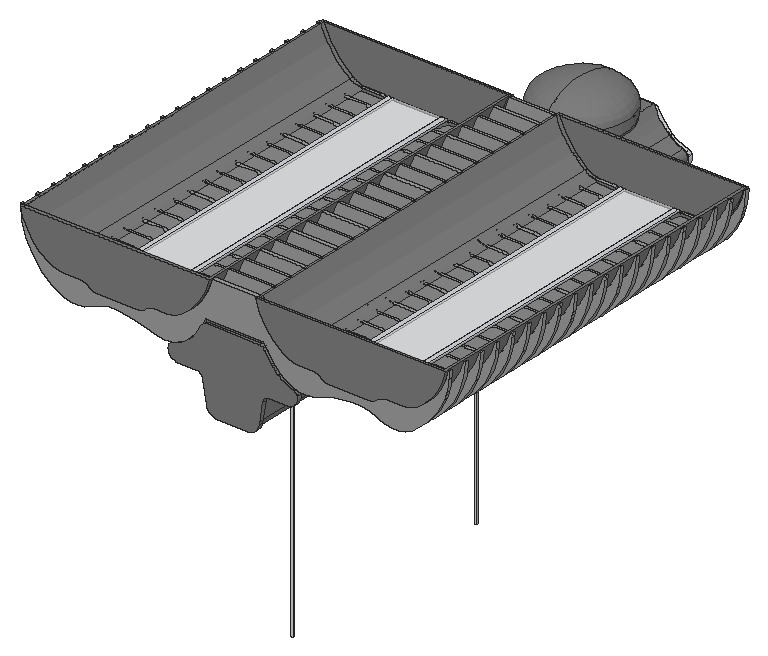
Revit family "0039277 Feilo Sylvania Lighting Fixtures SYLBAY LED 4000K 13KLM AISLE 1-10V PIR", category Lighting Fixtures, host Face, Revit 2017
Family settings
  Host = Face
  Round Connector Dimension = Use Diameter
  Part Type = Normal
  OmniClass Number = 23.80.70.00
  OmniClass Title = Lighting
  Cut with Voids When Loaded = No
  Light Source = Yes
  Shared = No
  Room Calculation Point = No
Parameters (values of type "0039277 SYLBAY LED 4000K 13KLM AISLE 1-10V PIR")
  WireRadius_FEILO = 1 mm
  Weight = "5.1 kg"
  Wattage Comments = "n/a"
  Wattage = 95 W
  WarrantyStartDate [instance] = "n/a"
  WarrantyGuarantorParts = "n/a"
  WarrantyDurationUnit = "n/a"
  WarrantyDurationParts = "n/a"
  WarrantyDescription = "n/a"
  built-in parameter 1150110 = 1 (stored number, unit not read)
  Voltage = 230 V
  URL = "http://www.sylvania-lighting.com"
  TypeName = "SYLBAY LED 4000K 13KLM AISLE 1-10V PIR"
  Type Image = <None>
  Type Comments = "n/a"
  built-in parameter 1114217 = 1 (stored number, unit not read)
  Tilt Angle = -90.00°
  built-in parameter 1150109 = 1 (stored number, unit not read)
  built-in parameter 1150134 = 12
  SuspensionHeight_FEILO [instance] = if(SurfaceMounted_FEILO, 107 mm, SuspensionHeightEntry_FEILO)  # 300 mm
  SuspensionHeightEntry_FEILO [instance] = 300 mm
  SurfaceMounted_FEILO [instance] = no
  built-in parameter 1150113 = 1 (stored number, unit not read)
  SerialNumber [instance] = "n/a"
  ReflectorMaterial = none
  PowerFactor = 0
  PowerConsumption = "95 W"
  Photometric Web File = "0039277.ies"
  NominalLength = 430 mm
  NominalHeight = 105 mm
  NominalDepth = 375 mm
  Name = "SYLBAY LED 4000K 13KLM AISLE 1-10V PIR"
  ModelReference = "SYLBAY LED 4000K 13KLM AISLE 1-10V PIR"
  ModelNumber = "0039277"
  Model = "SYLBAY LED 4000K 13KLM AISLE 1-10V PIR"
  Material = "aluminium housing"
  ManufacturerName = "Feilo Sylvania"
  Manufacturer = "Feilo Sylvania"
  LuminousEfficacy = "138.79 lm/W"
  built-in parameter 1150105 = 18311.2 (stored number, unit not read)
  Lumens = 13185 lm
  LuminaireType = ""
  built-in parameter 1150115 = 1 (stored number, unit not read)
  LightOutputRatio = "100"
  built-in parameter 1150137 = (empty or 0)
  built-in parameter 1150139 = (empty or 0)
  LampsType = Lamp  # "LED"
  LampNominalLuminous = "13046 lm"
  LampMacAdamStep = "n/a"
  LampColourTemperature = "4000 K"
  LampColourRenderingIndex = "80"
  built-in parameter 1150112 = 1 (stored number, unit not read)
  built-in parameter 1150114 = 1 (stored number, unit not read)
  Lamp = "LED"
  Keynote = "16500"
  InstallationDate [instance] = "n/a"
  InputVoltage = "220-240V~"
  InputNominalFrequency = "50/60 Hz"
  built-in parameter 1150132 = (empty or 0)
  built-in parameter 1150102 = (empty or 0)
  built-in parameter 1150107 = 4000 (stored number, unit not read)
  built-in parameter 1150138 = (empty or 0)
  IngressProtection = "IP65"
  ImpactProtectionIndex = "IK08"
  built-in parameter 1150106 = 183.11 (stored number, unit not read)
  IfcExportType = "IfcLightFixtureType"
  IfcExportAs = "IfcLightFixtureType"
  ExpectedLife = 50000
  Emit from Rectangle Width = 365 mm
  Emit from Rectangle Length = 320 mm
  Emit Shape Visible in Rendering = no
  ElectricShockClassification = "Class I"
  built-in parameter 1150104 = 12.894 (stored number, unit not read)
  DurationUnit = "hours"
  DocumentationLiterature = "http://www.sylvania-lighting.com/product/en-int/products/0039277"
  DimmingControlOptions = "Dimmable"
  Dimming Lamp Color Temperature Shift = <None>
  DiffuserMaterial = Diffuser-Sylvania-Sylbay-Transparent
  Description = "Specification industrial high bay luminaire, robust and durable, slim design, high output and efficiency, lightweight, aluminium housing with shatter-resistant polycarbonate lens optic, 13,000 lumens, 95W, 137lm/W, 4000K, 1400mA, CRI 80, aisle beam optic, 1-10V dimmable, integral PIR sensor with daylight/occupancy detection, IP65, IK08, 100,000 hrs (L90B10), (LxWxH) 330x375x105mm, 3 step MacAdam ellipse, 4.6kg, aluminium finish, Class 1, 220-240V, integrated LED, energy class: A++, A+, A."
  Default Elevation = 1219.2 mm
  CreatedOn = "17/11/2017"
  CreatedBy = ""
  Cost = 0
  Color Filter = 16777215
  built-in parameter 1114216 [instance] = (empty or 0)
  BodyMaterial = Body-Sylvania-Sylbay-Aluminium
  BarCode [instance] = "n/a"
  built-in parameter 1114218 = 1 (stored number, unit not read)
  built-in parameter 1150133 = 10 (stored number, unit not read)
  AssetType = "Fixed"
  AssetIdentifier [instance] = "n/a"
  Assembly Code = "D5020200"
  Apparent Load = 95 VA
  AccessoryMaterial = Accesory-Sylvania-Sylbay-White
Reference planes
  plane 1 "Center (Front/Back)": y = 0
  plane 2: z = 0
  plane 3 "Center (Left/Right)": x = 0
  plane 4: z = 300
  plane 5: y = -162
  plane 6: y = 100
  plane 7: y = -100
  plane 8: z = 237.522
  plane 9: z = 246.272
  plane 10: z = 227.522
  plane 11: z = 266.272
  plane 12: z = 256.272
  plane 13: z = 262.272
  plane 14: y = 262
  plane 15: y = -8.075
  plane 16: y = 8.075
  plane 17: y = -165
  plane 18: y = 265
  plane 19: z = 195
  plane 20: z = 193
  plane 21: y = 165
  plane 22: y = 215
  plane 23: y = 175
  plane 24: y = 255
  plane 25: z = 278.272
  plane 26: y = 176
  plane 27: y = 254
Forms (mm)
  Extrusion 1, solid, material "Accesory-Sylvania-Sylbay-White" <- "AccessoryMaterial"
    sketch origin (0, 0, 0) x (1, 0, 0) y (0, 0, 1)
      loop
        arc (-39.258, 246.272) -> (-44.534, 242.283) -> (-50.507, 239.445) r 32.519
        arc (-50.507, 239.445) -> (-54.463, 232.388) -> (-48, 227.522) r 6.147
        line (-48, 227.522) -> (-32.102, 227.522)
        arc (-32.102, 227.522) -> (-26.92, 225.616) -> (-24.206, 220.808) r 8
        line (-24.206, 220.808) -> (-21.094, 201.713)
        arc (-21.094, 201.713) -> (-18.38, 196.905) -> (-13.198, 195) r 8
        line (-13.198, 195) -> (13.198, 195)
        arc (13.198, 195) -> (18.393, 196.916) -> (21.099, 201.746) r 8
        line (21.099, 201.746) -> (24.206, 220.808)
        arc (24.206, 220.808) -> (26.92, 225.616) -> (32.102, 227.522) r 8
        line (32.102, 227.522) -> (48, 227.522)
        arc (48, 227.522) -> (54.463, 232.388) -> (50.507, 239.445) r 6.147
        arc (50.507, 239.445) -> (44.534, 242.283) -> (39.258, 246.272) r 32.519
        arc (39.258, 246.272) -> (31.199, 255.531) -> (25.254, 266.272) r 58.361
        line (25.254, 266.272) -> (-25.254, 266.272)
        arc (-25.254, 266.272) -> (-31.199, 255.531) -> (-39.258, 246.272) r 58.361
    from -262 to 162
  Extrusion 2, solid, material "Body-Sylvania-Sylbay-Aluminium" <- "BodyMaterial", detail levels medium+fine
    sketch origin (0, 0, 0) x (1, 0, 0) y (0, 0, 1)
      loop
        arc (-32.102, 225.522) -> (-28.215, 224.093) -> (-26.18, 220.487) r 6
        line (-26.18, 220.487) -> (-23.068, 201.392)
        arc (-23.068, 201.392) -> (-19.676, 195.381) -> (-13.198, 193) r 10
        line (-13.198, 193) -> (13.198, 193)
        arc (13.198, 193) -> (19.69, 195.393) -> (23.074, 201.428) r 10
        line (23.074, 201.428) -> (26.18, 220.487)
        arc (26.18, 220.487) -> (28.215, 224.093) -> (32.102, 225.522) r 6
        line (32.102, 225.522) -> (47.932, 225.522)
        arc (47.932, 225.522) -> (54.718, 228.451) -> (56.343, 235.661) r 8.147
        arc (56.343, 235.661) -> (55.292, 237.506) -> (53.445, 238.553) r 4
        arc (53.445, 238.553) -> (45.865, 241.518) -> (39.258, 246.272) r 32.519
        arc (39.258, 246.272) -> (32.89, 253.237) -> (27.728, 261.137) r 58.361
        arc (27.728, 261.137) -> (25.523, 263.429) -> (22.456, 264.272) r 6
        line (22.456, 264.272) -> (-22.456, 264.272)
        arc (-22.456, 264.272) -> (-25.523, 263.429) -> (-27.728, 261.137) r 6
        arc (-27.728, 261.137) -> (-32.89, 253.237) -> (-39.258, 246.272) r 58.361
        arc (-39.258, 246.272) -> (-45.865, 241.518) -> (-53.445, 238.553) r 32.519
        arc (-53.445, 238.553) -> (-55.292, 237.506) -> (-56.343, 235.661) r 4
        arc (-56.343, 235.661) -> (-54.718, 228.451) -> (-47.932, 225.522) r 8.147
        line (-47.932, 225.522) -> (-32.102, 225.522)
    from 162 to 165
  Extrusion 3, solid, detail levels medium+fine
    sketch origin (0, 0, 0) x (1, 0, 0) y (0, 0, 1)
      loop
        line (-47.932, 225.522) -> (-32.102, 225.522)
        arc (-32.102, 225.522) -> (-28.215, 224.093) -> (-26.18, 220.487) r 6
        line (-26.18, 220.487) -> (-23.068, 201.392)
        arc (-23.068, 201.392) -> (-19.676, 195.381) -> (-13.198, 193) r 10
        line (-13.198, 193) -> (13.198, 193)
        arc (13.198, 193) -> (19.69, 195.393) -> (23.074, 201.428) r 10
        line (23.074, 201.428) -> (26.18, 220.487)
        arc (26.18, 220.487) -> (28.215, 224.093) -> (32.102, 225.522) r 6
        line (32.102, 225.522) -> (47.932, 225.522)
        arc (47.932, 225.522) -> (54.718, 228.451) -> (56.343, 235.661) r 8.147
        arc (56.343, 235.661) -> (55.292, 237.506) -> (53.445, 238.553) r 4
        arc (53.445, 238.553) -> (45.865, 241.518) -> (39.258, 246.272) r 32.519
        arc (39.258, 246.272) -> (32.89, 253.237) -> (27.728, 261.137) r 58.361
        arc (27.728, 261.137) -> (25.523, 263.429) -> (22.456, 264.272) r 6
        line (22.456, 264.272) -> (-22.456, 264.272)
        arc (-22.456, 264.272) -> (-25.523, 263.429) -> (-27.728, 261.137) r 6
        arc (-27.728, 261.137) -> (-32.89, 253.237) -> (-39.258, 246.272) r 58.361
        arc (-39.258, 246.272) -> (-45.865, 241.518) -> (-53.445, 238.553) r 32.519
        arc (-53.445, 238.553) -> (-55.292, 237.506) -> (-56.343, 235.661) r 4
        arc (-56.343, 235.661) -> (-54.718, 228.451) -> (-47.932, 225.522) r 8.147
    from -265 to -262
  Extrusion 4, solid
    sketch origin (-316.531, -4572, 195) x (-1, 0, 0) y (0, -1, 0)
      loop
        circle (-316.531, -4672) r 1
      loop
        circle (-316.531, -4472) r 1
    from 0 to -195
  Revolve 5, solid, material "Body-Sylvania-Sylbay-Aluminium" <- "BodyMaterial"
    sketch origin (0, 0, 0) x (0, 1, 0) y (0, 0, 1)
      loop
        arc (175.771, 269.022) -> (176.729, 267.064) -> (178.76, 266.272) r 3
        line (178.76, 266.272) -> (215, 266.272) -> (215, 278.272) -> (175, 278.272) -> (175.771, 269.022)
      axis (215, 266.272) -> (215, 278.272)
    angle from 360 to 0
  Revolve 6, solid, material "Accesory-Sylvania-Sylbay-White" <- "AccessoryMaterial"
    sketch origin (0, 0, 0) x (0, 1, 0) y (0, 0, 1)
      loop
        line (175, 278.272) -> (215, 278.272) -> (215, 300)
        spline (215, 300) -> (209.779, 299.814) -> (204.647, 299.26) -> (199.693, 298.346) -> (195, 297.089) -> (190.65, 295.51) -> (186.716, 293.636) -> (183.266, 291.499) -> (180.359, 289.136) -> (178.045, 286.587) -> (176.363, 283.895) -> (175.342, 281.108) -> (175, 278.272)
      axis (215, 278.272) -> (215, 300)
    angle from 360 to 0
Dimensions and locks
  "SuspensionHeight_FEILO": plane 4 to plane 2
  equal spacing: plane 7, plane 1 "Center (Front/Back)", plane 6
  locked: plane 1 "Center (Front/Back)" to plane 6 at 100
  locked: plane 4 to plane 8 at 62.478
  locked: plane 4 to plane 9 at 53.728
  plane 4 to plane 10 = 72.478 mm
  locked: plane 4 to plane 11 at 33.728
  locked: plane 12 to plane 9 at 10
  locked: plane 13 to plane 12 at 6
  locked: plane 3 "Center (Left/Right)" to Extrusion 1 sketch curve at 48.447
  locked: Extrusion 1 sketch curve to plane 3 "Center (Left/Right)" at 48.447
  locked: plane 4 to Extrusion 1 sketch curve at 66.347  (x2)
  Extrusion 1 sketch curve to plane 3 "Center (Left/Right)" to Extrusion 1 sketch curve = 13.198 mm locked, 13.198 mm locked
  Extrusion 1 sketch curve to plane 3 "Center (Left/Right)" to Extrusion 1 sketch curve = 32.102 mm locked, 32.102 mm locked
  locked: plane 4 to Extrusion 1 sketch curve at 97  (x2)
  locked: plane 4 to Extrusion 1 sketch curve at 80.478  (x2)
  equal spacing: plane 15, plane 1 "Center (Front/Back)", plane 16
  locked: plane 15 to plane 16 at 16.15
  locked: plane 10 to Extrusion 2 sketch curve at 2
  plane 10 to Extrusion 2 sketch curve = 2 mm
  locked: Extrusion 2 sketch curve to Extrusion 1 at 2  (x2)
  locked: Extrusion 2 sketch curve to plane 3 "Center (Left/Right)" at 52.466
  locked: plane 3 "Center (Left/Right)" to Extrusion 2 sketch curve at 52.466
  locked: plane 4 to Extrusion 2 sketch curve at 65.325  (x2)
  locked: plane 4 to Extrusion 2 sketch curve at 41.728  (x2)
  locked: plane 3 "Center (Left/Right)" to Extrusion 2 sketch curve at 22.456
  locked: Extrusion 2 sketch curve to plane 3 "Center (Left/Right)" at 22.456
  locked: plane 4 to plane 19 at 105
  locked: plane 19 to plane 20 at 2
  locked: plane 1 "Center (Front/Back)" to plane 18 at 265
  locked: plane 14 to plane 18 at 3
  locked: plane 17 to plane 1 "Center (Front/Back)" at 165
  locked: plane 17 to plane 5 at 3
  locked: plane 21 to plane 18 at 100
  locked: plane 21 to plane 22 at 50
  equal spacing: plane 23, plane 22, plane 24
  locked: plane 23 to plane 22 at 40
  equal spacing: plane 26, plane 22, plane 27
  locked: plane 23 to plane 26 at 1
  locked: plane 25 to plane 11 at 12
  locked: Revolve 5 sketch curve to plane 11 at 3
  locked: Revolve 5 sketch curve to plane 22 at 36.24
  "WireRadius_FEILO": radius of Extrusion 4 sketch curve  (x2)
  aligned and locked: plane 2 to host face
  aligned and locked: level to host face
  aligned and locked: plane 10 to Extrusion 1 sketch curve
  aligned and locked: plane 5 to Extrusion 1
  aligned and locked: Extrusion 1 to plane 14
  aligned and locked: imposter light to plane 4
  aligned and locked: plane 3 "Center (Left/Right)" to imposter light
  aligned and locked: plane 1 "Center (Front/Back)" to imposter light
  aligned and locked: plane 17 to Extrusion 2
  aligned and locked: Extrusion 2 to plane 5
  aligned and locked: Extrusion 3 sketch curve to Extrusion 2  (x15)
  aligned and locked: Extrusion 3 to Extrusion 1
  aligned and locked: Extrusion 3 to plane 18
  aligned and locked: Extrusion 1 sketch curve to plane 19
  aligned and locked: plane 7 to Extrusion 4 sketch curve
  aligned and locked: plane 3 "Center (Left/Right)" to Extrusion 4 sketch curve  (x2)
  aligned and locked: plane 6 to Extrusion 4 sketch curve
  aligned and locked: Extrusion 1 to Extrusion 4
  aligned and locked: Extrusion 4 to level
  aligned and locked: plane 20 to Extrusion 2 sketch curve
  aligned and locked: Revolve 5 sketch curve to plane 11
  aligned and locked: Revolve 5 sketch curve to plane 22  (x2)
  aligned and locked: Revolve 5 sketch curve to plane 25
  aligned and locked: Revolve 6 sketch curve to plane 22  (x2)
  aligned and locked: Revolve 6 sketch curve to Revolve 5
  aligned and locked: plane 4 to Revolve 6 sketch curve
  aligned and locked: plane 22 to Revolve 6 sketch curve
  aligned and locked: plane 3 "Center (Left/Right)" to nested 1
  aligned and locked: plane 1 "Center (Front/Back)" to nested 1
Automatic sketch dimensions
  host sketch curve to host sketch curve = 2438.4 mm  (x2)
  Extrusion 1 sketch curve to plane 9 = 0 mm  (x4)
  Extrusion 1 sketch curve to plane 10 = 0 mm
  plane 11 to Extrusion 1 sketch curve = 3.811 mm
  Extrusion 1 sketch curve to Extrusion 1 sketch curve = 36.151 mm  (x2)
  Extrusion 1 sketch curve to plane 4 = 10.994 mm  (x2)
  Extrusion 1 sketch curve to plane 11 = 0 mm
  plane 9 to Extrusion 1 sketch curve = 23.811 mm
  Extrusion 1 sketch curve to plane 10 = 6.713 mm  (x2)
  plane 19 to Extrusion 1 sketch curve = 6.713 mm
  Extrusion 3 sketch curve to plane 10 = 7.035 mm  (x2)
  plane 19 to Extrusion 3 sketch curve = 6.392 mm
  plane 19 to Extrusion 1 sketch curve = 6.746 mm
  plane 19 to Extrusion 3 sketch curve = 6.428 mm
  plane 3 "Center (Left/Right)" to Extrusion 1 sketch curve = 25.254 mm
  Extrusion 1 sketch curve to Extrusion 1 sketch curve = 0.447 mm  (x2)
  Extrusion 1 sketch curve to Extrusion 1 sketch curve = 12.959 mm
  Extrusion 2 sketch curve to plane 9 = 0 mm  (x4)
  plane 11 to Extrusion 2 sketch curve = 3.811 mm  (x2)
  Extrusion 2 sketch curve to Extrusion 2 sketch curve = 8.939 mm  (x2)
  Extrusion 2 sketch curve to plane 4 = 10.994 mm  (x2)
  Extrusion 2 sketch curve to Extrusion 2 sketch curve = 17.6 mm  (x2)
  Extrusion 2 sketch curve to Extrusion 2 sketch curve = 4.02 mm  (x2)
  Extrusion 2 sketch curve to Extrusion 2 sketch curve = 0.514 mm
  Extrusion 2 sketch curve to plane 10 = 8 mm
  Extrusion 2 sketch curve to plane 10 = 7.035 mm  (x2)
  plane 19 to Extrusion 2 sketch curve = 6.392 mm
  plane 19 to Extrusion 2 sketch curve = 8 mm
  plane 3 "Center (Left/Right)" to Extrusion 2 sketch curve = 13.198 mm
  plane 19 to Extrusion 2 sketch curve = 6.428 mm
  Extrusion 2 sketch curve to Extrusion 2 sketch curve = 5.922 mm
  Extrusion 2 sketch curve to Extrusion 2 sketch curve = 4.534 mm
  Extrusion 2 sketch curve to plane 8 = 3.869 mm  (x2)
  Extrusion 2 sketch curve to plane 11 = 2 mm
  Extrusion 2 sketch curve to Extrusion 2 sketch curve = 0 mm  (x2)
  Revolve 6 sketch curve to plane 23 = 0 mm
  Revolve 6 sketch curve to level = 309.6 mm
  plane 4 to Revolve 6 sketch curve = 2138.4 mm
  Revolve 5 sketch curve to plane 23 = 0 mm
  plane 26 to Revolve 5 sketch curve = 0.229 mm
  Revolve 5 sketch curve to level = 309.6 mm
  plane 4 to Revolve 5 sketch curve = 2138.4 mm
Nested families
  nested 1: "SylbayBody" at (0, 0, 266.272), type "SylbayBody"
  nested 2: "SlybayRib" at (0, 144.453, 300), type "SylbayRib"
  nested 3: "SlybayRib" at (0, 127.406, 300), type "SylbayRib"
  nested 4: "SlybayRib" at (0, 110.358, 300), type "SylbayRib"
  nested 5: "SlybayRib" at (0, 93.311, 300), type "SylbayRib"
  nested 6: "SlybayRib" at (0, 76.264, 300), type "SylbayRib"
  nested 7: "SlybayRib" at (0, 59.217, 300), type "SylbayRib"
  nested 8: "SlybayRib" at (0, 42.169, 300), type "SylbayRib"
  nested 9: "SlybayRib" at (0, 25.122, 300), type "SylbayRib"
  nested 10: "SlybayRib" at (0, 161.5, 300), type "SylbayRib"
  nested 11: "SlybayRib" at (0, -144.453, 300), type "SylbayRib"
  nested 12: "SlybayRib" at (0, -127.406, 300), type "SylbayRib"
  nested 13: "SlybayRib" at (0, -110.358, 300), type "SylbayRib"
  nested 14: "SlybayRib" at (0, -93.311, 300), type "SylbayRib"
  nested 15: "SlybayRib" at (0, -76.264, 300), type "SylbayRib"
  nested 16: "SlybayRib" at (0, -59.217, 300), type "SylbayRib"
  nested 17: "SlybayRib" at (0, -42.169, 300), type "SylbayRib"
  nested 18: "SlybayRib" at (0, -25.122, 300), type "SylbayRib"
  nested 19: "SlybayRib" at (0, -161.5, 300), type "SylbayRib"
  nested 20: "SlybayRib" at (0, 8.075, 300), type "SylbayRib"
  nested 21: "SlybayRib" at (0, -8.075, 300), type "SylbayRib"
Connectors
  electrical at (0, 0, 0), driven by "Apparent Load"
    settings: index 1, voltage 230 V, apparent load 95 VA, apparent load phase1 0 VA, apparent load phase2 0 VA, apparent load phase3 0 VA, power factor 0, load classification "Lighting", number of poles 1, system type 30, power factor state 1, is connector primary yes, connector utility no, sub classification motor no, connector description ""
Definition of nested family "SylbayBody"
  Parameters (values of type "SylbayBody")
    URL = "http://www.feilosylvania.com"
    Type Image = (empty or 0)
    Type Comments = "n/a"
    RibLast_FEILO = 161.5 mm
    RibDistance_FEILO = RibLast_FEILO / 10  # 16.15 mm
    ReflectorMaterial = none
    Model = ""
    Manufacturer = "Feilo Sylvania"
    Keynote = ""
    DiffuserMaterial = none
    Description = "n/a"
    Default Elevation = 1219.2 mm
    Cost = 0
    BodyMaterial = none
    Assembly Code = "D5020200"
    AccessoryMaterial = none
  Reference planes
    plane 1 "Center (Front/Back)": y = 0
    plane 2: z = 0
    plane 3 "Center (Left/Right)": x = 0
    plane 4: x = -187.5
    plane 5: x = 187.5
    plane 6: z = 33.728
    plane 7: y = -165
    plane 8: y = 165
    plane 9: y = -148
    plane 10: y = 160
    plane 11: y = -160
    plane 12: z = -28.75
    plane 13: z = -20
    plane 14: x = -102.75
    plane 15: x = 102.75
    plane 16: z = 0
    plane 17: x = -185.5
    plane 18: x = -20
    plane 19: z = -10
    plane 20: x = -122.75
    plane 21: x = -82.75
    plane 22: z = -4
    plane 23: x = -130.75
    plane 24: x = -74.75
    plane 25: x = -145.75
    plane 26: x = -59.75
    plane 27: x = -25.3
    plane 28: x = -183.5
    plane 29: x = -22
    plane 30: y = -163
    plane 31: y = 163
    plane 32: x = 25.3
    plane 33: x = -48
    plane 34: x = 48
    plane 35: x = 20
    plane 36: y = 148
    plane 37: y = -161.5
    plane 38: y = 161.5
    plane 39: y = -8.075
    plane 40: y = 8.075
    plane 41: y = -151
    plane 42: y = 151
    plane 43: y = 149
    plane 44: y = 152
    plane 45: z = -2
    plane 46: z = 0
  Forms (mm)
    Extrusion 1, solid
      sketch origin (4.2, 0, 0) x (1, 0, 0) y (0, 1, 0)
        loop
          line (-1219.2, 1219.2) -> (-1219.2, -1219.2) -> (1219.2, -1219.2) -> (1219.2, 1219.2) -> (-1219.2, 1219.2)
      from 0 to -304.8
    Extrusion 2, solid, material <- "BodyMaterial", detail levels coarse+medium
      sketch origin (0, 0, -234.25) x (1, 0, 0) y (0, 0, 1)
        loop
          arc (-187.5, 267.978) -> (-180.003, 237.85) -> (-159.829, 214.25) r 67.598
          arc (-159.829, 214.25) -> (-143.258, 206.411) -> (-125.169, 209.379) r 30.791
          arc (-125.169, 209.379) -> (-113.533, 213.402) -> (-101.25, 214.25) r 46.777
          arc (-101.25, 214.25) -> (-87.202, 212.214) -> (-73.664, 207.942) r 87.865
          arc (-73.664, 207.942) -> (-55.541, 206.076) -> (-39.258, 214.25) r 32.519
          arc (-39.258, 214.25) -> (-31.199, 223.509) -> (-25.254, 234.25) r 58.361
          line (-25.254, 234.25) -> (25.254, 234.25)
          arc (25.254, 234.25) -> (31.199, 223.509) -> (39.258, 214.25) r 58.361
          arc (39.258, 214.25) -> (55.541, 206.076) -> (73.664, 207.942) r 32.519
          arc (73.664, 207.942) -> (87.202, 212.214) -> (101.25, 214.25) r 87.865
          arc (101.25, 214.25) -> (113.533, 213.402) -> (125.169, 209.379) r 46.777
          arc (125.169, 209.379) -> (143.258, 206.411) -> (159.829, 214.25) r 30.791
          arc (159.829, 214.25) -> (180.003, 237.85) -> (187.5, 267.978) r 67.598
          line (187.5, 267.978) -> (185.5, 267.978)
          arc (185.5, 267.978) -> (176.042, 248.665) -> (160.084, 234.25) r 56.823
          arc (160.084, 234.25) -> (153.191, 231.269) -> (145.75, 230.25) r 27.682
          line (145.75, 230.25) -> (132.583, 230.25)
          arc (132.583, 230.25) -> (129.421, 229.737) -> (126.583, 228.25) r 10
          line (126.583, 228.25) -> (123.917, 226.25)
          arc (123.917, 226.25) -> (121.079, 224.763) -> (117.917, 224.25) r 10
          line (117.917, 224.25) -> (84.583, 224.25)
          arc (84.583, 224.25) -> (81.421, 224.763) -> (78.583, 226.25) r 10
          line (78.583, 226.25) -> (75.917, 228.25)
          arc (75.917, 228.25) -> (73.079, 229.737) -> (69.917, 230.25) r 10
          line (69.917, 230.25) -> (58.25, 230.25)
          arc (58.25, 230.25) -> (51.55, 231.273) -> (45.461, 234.25) r 22.443
          arc (45.461, 234.25) -> (30.027, 249.073) -> (20, 267.978) r 67.602
          line (20, 267.978) -> (-20, 267.978)
          arc (-20, 267.978) -> (-30.027, 249.073) -> (-45.461, 234.25) r 67.602
          arc (-45.461, 234.25) -> (-51.55, 231.273) -> (-58.25, 230.25) r 22.443
          line (-58.25, 230.25) -> (-69.917, 230.25)
          arc (-69.917, 230.25) -> (-73.079, 229.737) -> (-75.917, 228.25) r 10
          line (-75.917, 228.25) -> (-78.583, 226.25)
          arc (-78.583, 226.25) -> (-81.421, 224.763) -> (-84.583, 224.25) r 10
          line (-84.583, 224.25) -> (-117.917, 224.25)
          arc (-117.917, 224.25) -> (-121.079, 224.763) -> (-123.917, 226.25) r 10
          line (-123.917, 226.25) -> (-126.583, 228.25)
          arc (-126.583, 228.25) -> (-129.421, 229.737) -> (-132.583, 230.25) r 10
          line (-132.583, 230.25) -> (-145.75, 230.25)
          arc (-145.75, 230.25) -> (-153.191, 231.269) -> (-160.084, 234.25) r 27.682
          arc (-160.084, 234.25) -> (-176.042, 248.665) -> (-185.5, 267.978) r 56.823
          line (-185.5, 267.978) -> (-187.5, 267.978)
      from 160 to -160
    Extrusion 3, solid, material <- "BodyMaterial"
      sketch origin (0, 0, -234.25) x (1, 0, 0) y (0, 0, 1)
        loop
          arc (-145.75, 230.25) -> (-152.168, 231.276) -> (-157.947, 234.25) r 20.597
          arc (-157.947, 234.25) -> (-173.175, 249.257) -> (-183.5, 267.978) r 74.319
          line (-183.5, 267.978) -> (-185.5, 267.978)
          arc (-185.5, 267.978) -> (-176.042, 248.665) -> (-160.084, 234.25) r 56.823
          arc (-160.084, 234.25) -> (-153.191, 231.269) -> (-145.75, 230.25) r 27.682
        loop
          arc (-45.461, 234.25) -> (-30.027, 249.073) -> (-20, 267.978) r 67.602
          line (-20, 267.978) -> (-22, 267.978)
          arc (-22, 267.978) -> (-31.964, 249.398) -> (-46.63, 234.25) r 76.357
          arc (-46.63, 234.25) -> (-52.105, 231.278) -> (-58.25, 230.25) r 18.878
          arc (-58.25, 230.25) -> (-51.55, 231.273) -> (-45.461, 234.25) r 22.443
        loop
          arc (145.75, 230.25) -> (153.191, 231.269) -> (160.084, 234.25) r 27.682
          arc (160.084, 234.25) -> (176.042, 248.665) -> (185.5, 267.978) r 56.823
          line (185.5, 267.978) -> (183.5, 267.978)
          arc (183.5, 267.978) -> (173.175, 249.257) -> (157.947, 234.25) r 74.319
          arc (157.947, 234.25) -> (152.168, 231.276) -> (145.75, 230.25) r 20.597
        loop
          arc (45.461, 234.25) -> (51.55, 231.273) -> (58.25, 230.25) r 22.443
          arc (58.25, 230.25) -> (52.105, 231.278) -> (46.63, 234.25) r 18.878
          arc (46.63, 234.25) -> (31.964, 249.398) -> (22, 267.978) r 76.357
          line (22, 267.978) -> (20, 267.978)
          arc (20, 267.978) -> (30.027, 249.073) -> (45.461, 234.25) r 67.602
      from -160 to 160
    Extrusion 4, solid, material <- "BodyMaterial"
      sketch origin (0, -165, -843.85) x (0, 0, -1) y (1, 0, 0)
        loop
          arc (-837.85, -132.583) -> (-837.439, -130.054) -> (-836.25, -127.783) r 8
          line (-836.25, -127.783) -> (-834.25, -125.117)
          arc (-834.25, -125.117) -> (-832.466, -121.711) -> (-831.85, -117.917) r 12
          line (-831.85, -117.917) -> (-831.85, -84.583)
          arc (-831.85, -84.583) -> (-832.466, -80.789) -> (-834.25, -77.383) r 12
          line (-834.25, -77.383) -> (-836.25, -74.717)
          arc (-836.25, -74.717) -> (-837.439, -72.446) -> (-837.85, -69.917) r 8
          line (-837.85, -69.917) -> (-837.85, -58.25)
          arc (-837.85, -58.25) -> (-838.965, -50.953) -> (-842.206, -44.322) r 24.443
          arc (-842.206, -44.322) -> (-857.666, -28.923) -> (-877.578, -20) r 60.581
          line (-877.578, -20) -> (-877.578, -22)
          arc (-877.578, -22) -> (-858.998, -31.964) -> (-843.85, -46.63) r 76.357
          arc (-843.85, -46.63) -> (-840.878, -52.105) -> (-839.85, -58.25) r 18.878
          line (-839.85, -58.25) -> (-839.85, -69.917)
          arc (-839.85, -69.917) -> (-839.337, -73.079) -> (-837.85, -75.917) r 10
          line (-837.85, -75.917) -> (-835.85, -78.583)
          arc (-835.85, -78.583) -> (-834.363, -81.421) -> (-833.85, -84.583) r 10
          line (-833.85, -84.583) -> (-833.85, -117.917)
          arc (-833.85, -117.917) -> (-834.363, -121.079) -> (-835.85, -123.917) r 10
          line (-835.85, -123.917) -> (-837.85, -126.583)
          arc (-837.85, -126.583) -> (-839.337, -129.421) -> (-839.85, -132.583) r 10
          line (-839.85, -132.583) -> (-839.85, -145.75)
          arc (-839.85, -145.75) -> (-840.876, -152.168) -> (-843.85, -157.947) r 20.597
          arc (-843.85, -157.947) -> (-858.857, -173.175) -> (-877.578, -183.5) r 74.319
          line (-877.578, -183.5) -> (-877.578, -185.5)
          arc (-877.578, -185.5) -> (-857.235, -177.123) -> (-842.139, -161.119) r 52.287
          arc (-842.139, -161.119) -> (-838.942, -153.728) -> (-837.85, -145.75) r 29.682
          line (-837.85, -145.75) -> (-837.85, -132.583)
        loop
          line (-837.85, 132.583) -> (-837.85, 145.75)
          arc (-837.85, 145.75) -> (-838.942, 153.728) -> (-842.139, 161.119) r 29.682
          arc (-842.139, 161.119) -> (-857.235, 177.123) -> (-877.578, 185.5) r 52.287
          line (-877.578, 185.5) -> (-877.578, 183.5)
          arc (-877.578, 183.5) -> (-858.857, 173.175) -> (-843.85, 157.947) r 74.319
          arc (-843.85, 157.947) -> (-840.876, 152.168) -> (-839.85, 145.75) r 20.597
          line (-839.85, 145.75) -> (-839.85, 132.583)
          arc (-839.85, 132.583) -> (-839.337, 129.421) -> (-837.85, 126.583) r 10
          line (-837.85, 126.583) -> (-835.85, 123.917)
          arc (-835.85, 123.917) -> (-834.363, 121.079) -> (-833.85, 117.917) r 10
          line (-833.85, 117.917) -> (-833.85, 84.583)
          arc (-833.85, 84.583) -> (-834.363, 81.421) -> (-835.85, 78.583) r 10
          line (-835.85, 78.583) -> (-837.85, 75.917)
          arc (-837.85, 75.917) -> (-839.337, 73.079) -> (-839.85, 69.917) r 10
          line (-839.85, 69.917) -> (-839.85, 58.25)
          arc (-839.85, 58.25) -> (-840.878, 52.105) -> (-843.85, 46.63) r 18.878
          arc (-843.85, 46.63) -> (-858.998, 31.964) -> (-877.578, 22) r 76.357
          line (-877.578, 22) -> (-877.578, 20)
          arc (-877.578, 20) -> (-857.666, 28.923) -> (-842.206, 44.322) r 60.581
          arc (-842.206, 44.322) -> (-838.965, 50.953) -> (-837.85, 58.25) r 24.443
          line (-837.85, 58.25) -> (-837.85, 69.917)
          arc (-837.85, 69.917) -> (-837.439, 72.446) -> (-836.25, 74.717) r 8
          line (-836.25, 74.717) -> (-834.25, 77.383)
          arc (-834.25, 77.383) -> (-832.466, 80.789) -> (-831.85, 84.583) r 12
          line (-831.85, 84.583) -> (-831.85, 117.917)
          arc (-831.85, 117.917) -> (-832.466, 121.711) -> (-834.25, 125.117) r 12
          line (-834.25, 125.117) -> (-836.25, 127.783)
          arc (-836.25, 127.783) -> (-837.439, 130.054) -> (-837.85, 132.583) r 8
      from -2 to -5
    Extrusion 5, solid, material <- "BodyMaterial"
      sketch origin (0, 165, -843.85) x (0, 0, -1) y (1, 0, 0)
        loop
          line (-831.85, -117.917) -> (-831.85, -84.583)
          arc (-831.85, -84.583) -> (-832.466, -80.789) -> (-834.25, -77.383) r 12
          line (-834.25, -77.383) -> (-836.25, -74.717)
          arc (-836.25, -74.717) -> (-837.439, -72.446) -> (-837.85, -69.917) r 8
          line (-837.85, -69.917) -> (-837.85, -58.25)
          arc (-837.85, -58.25) -> (-838.965, -50.953) -> (-842.206, -44.322) r 24.443
          arc (-842.206, -44.322) -> (-857.666, -28.923) -> (-877.578, -20) r 60.581
          line (-877.578, -20) -> (-877.578, -22)
          arc (-877.578, -22) -> (-858.998, -31.964) -> (-843.85, -46.63) r 76.357
          arc (-843.85, -46.63) -> (-840.878, -52.105) -> (-839.85, -58.25) r 18.878
          line (-839.85, -58.25) -> (-839.85, -69.917)
          arc (-839.85, -69.917) -> (-839.337, -73.079) -> (-837.85, -75.917) r 10
          line (-837.85, -75.917) -> (-835.85, -78.583)
          arc (-835.85, -78.583) -> (-834.363, -81.421) -> (-833.85, -84.583) r 10
          line (-833.85, -84.583) -> (-833.85, -117.917)
          arc (-833.85, -117.917) -> (-834.363, -121.079) -> (-835.85, -123.917) r 10
          line (-835.85, -123.917) -> (-837.85, -126.583)
          arc (-837.85, -126.583) -> (-839.337, -129.421) -> (-839.85, -132.583) r 10
          line (-839.85, -132.583) -> (-839.85, -145.75)
          arc (-839.85, -145.75) -> (-840.876, -152.168) -> (-843.85, -157.947) r 20.597
          arc (-843.85, -157.947) -> (-858.857, -173.175) -> (-877.578, -183.5) r 74.319
          line (-877.578, -183.5) -> (-877.578, -185.5)
          arc (-877.578, -185.5) -> (-857.235, -177.123) -> (-842.139, -161.119) r 52.287
          arc (-842.139, -161.119) -> (-838.942, -153.728) -> (-837.85, -145.75) r 29.682
          line (-837.85, -145.75) -> (-837.85, -132.583)
          arc (-837.85, -132.583) -> (-837.439, -130.054) -> (-836.25, -127.783) r 8
          line (-836.25, -127.783) -> (-834.25, -125.117)
          arc (-834.25, -125.117) -> (-832.466, -121.711) -> (-831.85, -117.917) r 12
        loop
          line (-831.85, 84.583) -> (-831.85, 117.917)
          arc (-831.85, 117.917) -> (-832.466, 121.711) -> (-834.25, 125.117) r 12
          line (-834.25, 125.117) -> (-836.25, 127.783)
          arc (-836.25, 127.783) -> (-837.439, 130.054) -> (-837.85, 132.583) r 8
          line (-837.85, 132.583) -> (-837.85, 145.75)
          arc (-837.85, 145.75) -> (-838.942, 153.728) -> (-842.139, 161.119) r 29.682
          arc (-842.139, 161.119) -> (-857.235, 177.123) -> (-877.578, 185.5) r 52.287
          line (-877.578, 185.5) -> (-877.578, 183.5)
          arc (-877.578, 183.5) -> (-858.857, 173.175) -> (-843.85, 157.947) r 74.319
          arc (-843.85, 157.947) -> (-840.876, 152.168) -> (-839.85, 145.75) r 20.597
          line (-839.85, 145.75) -> (-839.85, 132.583)
          arc (-839.85, 132.583) -> (-839.337, 129.421) -> (-837.85, 126.583) r 10
          line (-837.85, 126.583) -> (-835.85, 123.917)
          arc (-835.85, 123.917) -> (-834.363, 121.079) -> (-833.85, 117.917) r 10
          line (-833.85, 117.917) -> (-833.85, 84.583)
          arc (-833.85, 84.583) -> (-834.363, 81.421) -> (-835.85, 78.583) r 10
          line (-835.85, 78.583) -> (-837.85, 75.917)
          arc (-837.85, 75.917) -> (-839.337, 73.079) -> (-839.85, 69.917) r 10
          line (-839.85, 69.917) -> (-839.85, 58.25)
          arc (-839.85, 58.25) -> (-840.878, 52.105) -> (-843.85, 46.63) r 18.878
          arc (-843.85, 46.63) -> (-858.998, 31.964) -> (-877.578, 22) r 76.357
          line (-877.578, 22) -> (-877.578, 20)
          arc (-877.578, 20) -> (-857.666, 28.923) -> (-842.206, 44.322) r 60.581
          arc (-842.206, 44.322) -> (-838.965, 50.953) -> (-837.85, 58.25) r 24.443
          line (-837.85, 58.25) -> (-837.85, 69.917)
          arc (-837.85, 69.917) -> (-837.439, 72.446) -> (-836.25, 74.717) r 8
          line (-836.25, 74.717) -> (-834.25, 77.383)
          arc (-834.25, 77.383) -> (-832.466, 80.789) -> (-831.85, 84.583) r 12
      from 2 to 5
    Extrusion 6, solid, material <- "BodyMaterial"
      sketch origin (0, 165, -843.85) x (0, 0, -1) y (1, 0, 0)
        loop
          arc (-842.206, -44.322) -> (-857.666, -28.923) -> (-877.578, -20) r 60.581
          line (-877.578, -20) -> (-877.578, -185.5)
          arc (-877.578, -185.5) -> (-857.235, -177.123) -> (-842.139, -161.119) r 52.287
          arc (-842.139, -161.119) -> (-838.942, -153.728) -> (-837.85, -145.75) r 29.682
          line (-837.85, -145.75) -> (-837.85, -132.583)
          arc (-837.85, -132.583) -> (-837.439, -130.054) -> (-836.25, -127.783) r 8
          line (-836.25, -127.783) -> (-834.25, -125.117)
          arc (-834.25, -125.117) -> (-832.466, -121.711) -> (-831.85, -117.917) r 12
          line (-831.85, -117.917) -> (-831.85, -84.583)
          arc (-831.85, -84.583) -> (-832.466, -80.789) -> (-834.25, -77.383) r 12
          line (-834.25, -77.383) -> (-836.25, -74.717)
          arc (-836.25, -74.717) -> (-837.439, -72.446) -> (-837.85, -69.917) r 8
          line (-837.85, -69.917) -> (-837.85, -58.25)
          arc (-837.85, -58.25) -> (-838.965, -50.953) -> (-842.206, -44.322) r 24.443
        loop
          arc (-877.578, 20) -> (-857.666, 28.923) -> (-842.206, 44.322) r 60.581
          arc (-842.206, 44.322) -> (-838.965, 50.953) -> (-837.85, 58.25) r 24.443
          line (-837.85, 58.25) -> (-837.85, 69.917)
          arc (-837.85, 69.917) -> (-837.439, 72.446) -> (-836.25, 74.717) r 8
          line (-836.25, 74.717) -> (-834.25, 77.383)
          arc (-834.25, 77.383) -> (-832.466, 80.789) -> (-831.85, 84.583) r 12
          line (-831.85, 84.583) -> (-831.85, 117.917)
          arc (-831.85, 117.917) -> (-832.466, 121.711) -> (-834.25, 125.117) r 12
          line (-834.25, 125.117) -> (-836.25, 127.783)
          arc (-836.25, 127.783) -> (-837.439, 130.054) -> (-837.85, 132.583) r 8
          line (-837.85, 132.583) -> (-837.85, 145.75)
          arc (-837.85, 145.75) -> (-838.942, 153.728) -> (-842.139, 161.119) r 29.682
          arc (-842.139, 161.119) -> (-857.235, 177.123) -> (-877.578, 185.5) r 52.287
          line (-877.578, 185.5) -> (-877.578, 20)
      from 0 to 2
    Extrusion 7, solid, material <- "BodyMaterial"
      sketch origin (0, -165, -843.85) x (0, 0, -1) y (1, 0, 0)
        loop
          line (-877.578, -20) -> (-877.578, -185.5)
          arc (-877.578, -185.5) -> (-857.235, -177.123) -> (-842.139, -161.119) r 52.287
          arc (-842.139, -161.119) -> (-838.942, -153.728) -> (-837.85, -145.75) r 29.682
          line (-837.85, -145.75) -> (-837.85, -132.583)
          arc (-837.85, -132.583) -> (-837.439, -130.054) -> (-836.25, -127.783) r 8
          line (-836.25, -127.783) -> (-834.25, -125.117)
          arc (-834.25, -125.117) -> (-832.466, -121.711) -> (-831.85, -117.917) r 12
          line (-831.85, -117.917) -> (-831.85, -84.583)
          arc (-831.85, -84.583) -> (-832.466, -80.789) -> (-834.25, -77.383) r 12
          line (-834.25, -77.383) -> (-836.25, -74.717)
          arc (-836.25, -74.717) -> (-837.439, -72.446) -> (-837.85, -69.917) r 8
          line (-837.85, -69.917) -> (-837.85, -58.25)
          arc (-837.85, -58.25) -> (-838.965, -50.953) -> (-842.206, -44.322) r 24.443
          arc (-842.206, -44.322) -> (-857.666, -28.923) -> (-877.578, -20) r 60.581
        loop
          line (-877.578, 185.5) -> (-877.578, 20)
          arc (-877.578, 20) -> (-857.666, 28.923) -> (-842.206, 44.322) r 60.581
          arc (-842.206, 44.322) -> (-838.965, 50.953) -> (-837.85, 58.25) r 24.443
          line (-837.85, 58.25) -> (-837.85, 69.917)
          arc (-837.85, 69.917) -> (-837.439, 72.446) -> (-836.25, 74.717) r 8
          line (-836.25, 74.717) -> (-834.25, 77.383)
          arc (-834.25, 77.383) -> (-832.466, 80.789) -> (-831.85, 84.583) r 12
          line (-831.85, 84.583) -> (-831.85, 117.917)
          arc (-831.85, 117.917) -> (-832.466, 121.711) -> (-834.25, 125.117) r 12
          line (-834.25, 125.117) -> (-836.25, 127.783)
          arc (-836.25, 127.783) -> (-837.439, 130.054) -> (-837.85, 132.583) r 8
          line (-837.85, 132.583) -> (-837.85, 145.75)
          arc (-837.85, 145.75) -> (-838.942, 153.728) -> (-842.139, 161.119) r 29.682
          arc (-842.139, 161.119) -> (-857.235, 177.123) -> (-877.578, 185.5) r 52.287
      from 0 to -2
    Extrusion 8, solid, detail levels medium+fine
      sketch origin (0, 0, -234.25) x (1, 0, 0) y (0, 0, 1)
        loop
          arc (-123.917, 226.25) -> (-121.079, 224.763) -> (-117.917, 224.25) r 10
          line (-117.917, 224.25) -> (-84.583, 224.25)
          arc (-84.583, 224.25) -> (-81.421, 224.763) -> (-78.583, 226.25) r 10
          line (-78.583, 226.25) -> (-75.917, 228.25)
          arc (-75.917, 228.25) -> (-75.417, 229.25) -> (-75.917, 230.25) r 1.25
          line (-75.917, 230.25) -> (-79.782, 230.25) -> (-79.782, 228.278) -> (-122.75, 228.278) -> (-122.75, 230.25) -> (-126.583, 230.25)
          arc (-126.583, 230.25) -> (-127.083, 229.25) -> (-126.583, 228.25) r 1.25
          line (-126.583, 228.25) -> (-123.917, 226.25)
        loop
          line (123.917, 226.25) -> (126.583, 228.25)
          arc (126.583, 228.25) -> (127.083, 229.25) -> (126.583, 230.25) r 1.25
          line (126.583, 230.25) -> (122.75, 230.25) -> (122.75, 228.278) -> (79.782, 228.278) -> (79.782, 230.25) -> (75.917, 230.25)
          arc (75.917, 230.25) -> (75.417, 229.25) -> (75.917, 228.25) r 1.25
          line (75.917, 228.25) -> (78.583, 226.25)
          arc (78.583, 226.25) -> (81.421, 224.763) -> (84.583, 224.25) r 10
          line (84.583, 224.25) -> (117.917, 224.25)
          arc (117.917, 224.25) -> (121.079, 224.763) -> (123.917, 226.25) r 10
      from -163 to 163
    Extrusion 9, solid, material <- "DiffuserMaterial", detail levels medium+fine
      sketch origin (0, 0, -234.25) x (1, 0, 0) y (0, 0, 1)
        loop
          line (-122.75, 230.25) -> (-122.75, 228.278) -> (-79.782, 228.278) -> (-79.782, 230.25) -> (-122.75, 230.25)
        loop
          line (79.782, 230.25) -> (79.782, 228.278) -> (122.75, 228.278) -> (122.75, 230.25) -> (79.782, 230.25)
      from -163 to 163
  Cuts and joins
    joined: Extrusion 3, Extrusion 4, Extrusion 5, Extrusion 6, Extrusion 7
  Dimensions and locks
    equal spacing: plane 5, plane 3 "Center (Left/Right)", plane 4
    locked: plane 5 to plane 4 at 375
    equal spacing: plane 7, plane 1 "Center (Front/Back)", plane 8
    locked: plane 7 to plane 8 at 330
    locked: plane 6 to plane 12 at 62.478
    locked: plane 6 to plane 13 at 53.728
    equal spacing: plane 15, plane 3 "Center (Left/Right)", plane 14
    plane 3 "Center (Left/Right)" to plane 14 = 102.75 mm
    locked: plane 6 to plane 16 at 33.728
    equal spacing: plane 18, plane 14, plane 17
    locked: plane 19 to plane 13 at 10
    equal spacing: plane 21, plane 14, plane 20
    locked: plane 14 to plane 20 at 20
    locked: plane 22 to plane 19 at 6
    equal spacing: plane 24, plane 14, plane 23
    locked: plane 20 to plane 23 at 8
    equal spacing: plane 26, plane 14, plane 25
    locked: plane 23 to plane 25 at 15
    locked: plane 18 to plane 27 at 5.3
    locked: plane 3 "Center (Left/Right)" to Extrusion 2 sketch curve at 83.982  (x2)
    locked: plane 3 "Center (Left/Right)" to Extrusion 2 sketch curve at 79.005  (x2)
    locked: plane 3 "Center (Left/Right)" to Extrusion 2 sketch curve at 119.907  (x2)
    locked: plane 3 "Center (Left/Right)" to Extrusion 2 sketch curve at 61.405  (x2)
    locked: plane 3 "Center (Left/Right)" to Extrusion 2 sketch curve at 138.973  (x2)
    locked: plane 3 "Center (Left/Right)" to Extrusion 2 sketch curve at 84.583  (x2)
    locked: plane 3 "Center (Left/Right)" to Extrusion 2 sketch curve at 117.917  (x2)
    locked: plane 3 "Center (Left/Right)" to Extrusion 2 sketch curve at 132.583  (x2)
    locked: plane 3 "Center (Left/Right)" to Extrusion 2 sketch curve at 69.917  (x2)
    locked: Extrusion 2 sketch curve to plane 6 at 21.825  (x2)
    locked: Extrusion 2 sketch curve to plane 6 at 0.822  (x2)
    locked: plane 6 to Extrusion 2 sketch curve at 10.994  (x2)
    locked: plane 6 to Extrusion 2 sketch curve at 15.285  (x2)
    locked: plane 6 to Extrusion 2 sketch curve at 31.076  (x2)
    locked: plane 6 to Extrusion 2 sketch curve at 33.728  (x4)
    locked: plane 6 to Extrusion 2 sketch curve at 29.917  (x2)
    locked: plane 6 to Extrusion 2 sketch curve at 47.728  (x4)
    locked: plane 6 to Extrusion 2 sketch curve at 100.413  (x2)
    locked: plane 6 to Extrusion 2 sketch curve at 141.419  (x2)
    locked: plane 3 "Center (Left/Right)" to Extrusion 2 sketch curve at 106.788  (x2)
    locked: plane 3 "Center (Left/Right)" to Extrusion 2 sketch curve at 104.198  (x2)
    locked: plane 3 "Center (Left/Right)" to Extrusion 2 sketch curve at 145.75  (x2)
    locked: plane 6 to Extrusion 2 sketch curve at 10.046  (x2)
    locked: Extrusion 2 sketch curve to plane 6 at 14.884  (x2)
    locked: plane 3 "Center (Left/Right)" to Extrusion 2 sketch curve at 130.661  (x2)
    equal spacing: plane 29, plane 14, plane 28
    locked: plane 28 to plane 17 at 2
    locked: plane 3 "Center (Left/Right)" to Extrusion 3 sketch curve at 58.25  (x2)
    locked: plane 3 "Center (Left/Right)" to Extrusion 3 sketch curve at 93.629  (x2)
    locked: plane 3 "Center (Left/Right)" to Extrusion 3 sketch curve at 113.936  (x2)
    locked: plane 3 "Center (Left/Right)" to Extrusion 3 sketch curve at 145.75  (x2)
    locked: plane 6 to Extrusion 3 sketch curve at 18.85  (x2)
    locked: plane 6 to Extrusion 3 sketch curve at 17.131  (x2)
    equal spacing: plane 11, plane 1 "Center (Front/Back)", plane 10
    plane 11 to plane 1 "Center (Front/Back)" = 160 mm
    equal spacing: plane 30, plane 1 "Center (Front/Back)", plane 31
    locked: plane 7 to plane 30 at 2
    locked: plane 22 to Extrusion 4 sketch curve at 2  (x4)
    locked: plane 19 to Extrusion 4 sketch curve at 2  (x2)
    locked: Extrusion 2 to Extrusion 4 sketch curve at 2  (x3)
    locked: Extrusion 4 sketch curve to Extrusion 2 at 2
    locked: Extrusion 8 sketch curve to plane 20 at 42.968
    locked: plane 22 to Extrusion 8 sketch curve at 1.972  (x2)
    locked: Extrusion 8 sketch curve to Extrusion 8 sketch curve at 42.968
    locked: plane 15 to Extrusion 8 sketch curve at 22.968
    equal spacing: plane 32, plane 3 "Center (Left/Right)", plane 27
    equal spacing: plane 34, plane 3 "Center (Left/Right)", plane 33
    plane 3 "Center (Left/Right)" to plane 33 = 48 mm
    equal spacing: plane 35, plane 3 "Center (Left/Right)", plane 18
    locked: plane 3 "Center (Left/Right)" to plane 18 at 20
    equal spacing: plane 9, plane 1 "Center (Front/Back)", plane 36
    locked: plane 9 to plane 1 "Center (Front/Back)" at 148
    equal spacing: plane 37, plane 1 "Center (Front/Back)", plane 38
    "RibLast_FEILO": plane 37 to plane 1 "Center (Front/Back)"
    equal spacing: plane 39, plane 1 "Center (Front/Back)", plane 40
    "RibDistance_FEILO": plane 39 to plane 40
    equal spacing: group 1, group 3, group 4, group 5, group 6, group 7, group 8, group 9, group 10, group 2  (x2)
    equal spacing: group 2, group 10, group 9, group 8, group 7, group 6, group 5, group 4, group 3, group 1
    equal spacing: group 11, group 13, group 14, group 15, group 16, group 17, group 18, group 19, group 20, group 12  (x3)
    equal spacing: plane 41, plane 1 "Center (Front/Back)", plane 42
    locked: plane 36 to plane 42 at 3
    locked: plane 36 to plane 43 at 1
    locked: plane 36 to plane 44 at 4
    locked: plane 16 to plane 45 at 2
    aligned and locked: plane 2 to Extrusion 1
    aligned and locked: level to Extrusion 1
    aligned and locked: plane 6 to Extrusion 2 sketch curve  (x2)
    aligned and locked: plane 4 to Extrusion 2 sketch curve
    aligned and locked: plane 22 to Extrusion 2 sketch curve
    aligned and locked: plane 19 to Extrusion 2 sketch curve
    aligned and locked: Extrusion 2 sketch curve to plane 22
    aligned and locked: plane 13 to Extrusion 2 sketch curve  (x3)
    aligned and locked: plane 11 to Extrusion 2
    aligned and locked: plane 17 to Extrusion 2 sketch curve
    aligned and locked: plane 25 to Extrusion 2 sketch curve
    aligned and locked: Extrusion 2 sketch curve to plane 6  (x3)
    aligned and locked: Extrusion 2 sketch curve to plane 16
    aligned and locked: Extrusion 3 sketch curve to Extrusion 2  (x5)
    aligned and locked: plane 16 to Extrusion 3 sketch curve
    aligned and locked: plane 28 to Extrusion 3 sketch curve
    aligned and locked: plane 6 to Extrusion 3 sketch curve  (x2)
    aligned and locked: plane 29 to Extrusion 3 sketch curve
    aligned and locked: Extrusion 3 sketch curve to plane 6  (x2)
    aligned and locked: Extrusion 2 to plane 10
    aligned and locked: Extrusion 3 to plane 10
    aligned and locked: plane 11 to Extrusion 3
    aligned and locked: Extrusion 4 sketch curve to Extrusion 3  (x6)
    aligned and locked: Extrusion 4 sketch curve to Extrusion 2  (x4)
    aligned and locked: Extrusion 4 to plane 11
    aligned and locked: Extrusion 5 sketch curve to Extrusion 4  (x36)
    aligned and locked: plane 10 to Extrusion 5
    aligned and locked: Extrusion 5 to plane 31
    aligned and locked: plane 30 to Extrusion 4
    aligned and locked: Extrusion 6 sketch curve to Extrusion 4  (x16)
    aligned and locked: Extrusion 6 sketch curve to Extrusion 2
    aligned and locked: Extrusion 6 sketch curve to Extrusion 3
    aligned and locked: plane 31 to Extrusion 6
    aligned and locked: Extrusion 6 to plane 8
    aligned and locked: Extrusion 7 sketch curve to Extrusion 6  (x18)
    aligned and locked: Extrusion 7 to plane 30
    aligned and locked: plane 7 to Extrusion 7
    aligned and locked: Extrusion 8 sketch curve to cut or joined group of Extrusion 3, Extrusion 4, Extrusion 5, Extrusion 6, Extrusion 7  (x3)
    aligned and locked: plane 22 to Extrusion 8 sketch curve  (x4)
    aligned and locked: Extrusion 8 sketch curve to plane 22  (x4)
    aligned and locked: plane 20 to Extrusion 8 sketch curve
    aligned and locked: Extrusion 8 to plane 31
    aligned and locked: plane 30 to Extrusion 8
    aligned and locked: Extrusion 9 sketch curve to Extrusion 8  (x8)
    aligned and locked: plane 30 to Extrusion 9
    aligned and locked: Extrusion 9 to plane 31
    aligned and locked: plane 3 "Center (Left/Right)" to nested 1
    aligned and locked: plane 39 to nested 1
    aligned and locked: plane 3 "Center (Left/Right)" to nested 2
    aligned and locked: plane 40 to nested 2
    aligned and locked: plane 2 to plane 46
    aligned and locked: plane 16 to level
  Automatic sketch dimensions
    Extrusion 1 sketch curve to Extrusion 1 sketch curve = 2438.4 mm  (x2)
    Extrusion 2 sketch curve to plane 16 = 0 mm  (x6)
    Extrusion 2 sketch curve to plane 13 = 0 mm  (x7)
    Extrusion 2 sketch curve to plane 35 = 0 mm
    Extrusion 2 sketch curve to plane 5 = 0 mm
    Extrusion 2 sketch curve to plane 19 = 0 mm
    Extrusion 2 sketch curve to plane 22 = 2 mm  (x3)
    Extrusion 2 sketch curve to plane 20 = 1.167 mm
    plane 19 to Extrusion 2 sketch curve = 2 mm  (x3)
    Extrusion 2 sketch curve to plane 24 = 1.167 mm
    Extrusion 3 sketch curve to plane 16 = 0 mm  (x11)
    Extrusion 3 sketch curve to plane 35 = 0 mm
    Extrusion 3 sketch curve to plane 22 = 0 mm  (x4)
    Extrusion 3 sketch curve to Extrusion 3 sketch curve = 9.647 mm
    Extrusion 3 sketch curve to Extrusion 3 sketch curve = 16.725 mm
    Extrusion 3 sketch curve to plane 5 = 2 mm
    Extrusion 4 sketch curve to Extrusion 4 sketch curve = 0 mm  (x13)
    Extrusion 4 sketch curve to plane 6 = 0 mm  (x2)
    Extrusion 4 sketch curve to plane 25 = 0 mm
    Extrusion 4 sketch curve to plane 16 = 0 mm  (x6)
    Extrusion 4 sketch curve to plane 22 = 0 mm  (x2)
    Extrusion 4 sketch curve to plane 19 = 0 mm
    Extrusion 4 sketch curve to plane 17 = 0 mm
    Extrusion 4 sketch curve to plane 18 = 0 mm
    Extrusion 4 sketch curve to plane 35 = 0 mm
    Extrusion 4 sketch curve to plane 15 = 9.121 mm
    plane 6 to Extrusion 4 sketch curve = 26.45 mm
    plane 15 to Extrusion 4 sketch curve = 11.186 mm
    Extrusion 4 sketch curve to Extrusion 4 sketch curve = 0.292 mm
    plane 6 to Extrusion 4 sketch curve = 14.412 mm  (x2)
    plane 21 to Extrusion 4 sketch curve = 3.909 mm
    Extrusion 4 sketch curve to plane 23 = 3.295 mm
    plane 6 to Extrusion 4 sketch curve = 9.292 mm  (x2)
    Extrusion 4 sketch curve to Extrusion 4 sketch curve = 7.085 mm  (x2)
    Extrusion 4 sketch curve to plane 6 = 10.046 mm
    plane 34 to Extrusion 4 sketch curve = 10.25 mm
    Extrusion 4 sketch curve to plane 6 = 15.285 mm
    plane 26 to Extrusion 4 sketch curve = 1.5 mm
    Extrusion 4 sketch curve to Extrusion 4 sketch curve = 3.565 mm  (x2)
    Extrusion 4 sketch curve to plane 22 = 2 mm  (x3)
    Extrusion 4 sketch curve to plane 24 = 1.167 mm
    Extrusion 4 sketch curve to Extrusion 4 sketch curve = 1.6 mm  (x3)
    plane 24 to Extrusion 4 sketch curve = 0.033 mm
    plane 19 to Extrusion 4 sketch curve = 2 mm  (x3)
    Extrusion 4 sketch curve to plane 20 = 1.167 mm
    plane 19 to Extrusion 4 sketch curve = 0.4 mm  (x4)
    Extrusion 4 sketch curve to plane 19 = 4 mm  (x2)
    Extrusion 4 sketch curve to Extrusion 4 sketch curve = 14.788 mm
    Extrusion 4 sketch curve to Extrusion 4 sketch curve = 20.109 mm
    Extrusion 4 sketch curve to plane 5 = 2 mm
    Extrusion 5 sketch curve to plane 22 = 2 mm  (x3)
    Extrusion 5 sketch curve to plane 24 = 1.167 mm
    Extrusion 5 sketch curve to Extrusion 5 sketch curve = 1.6 mm  (x3)
    plane 24 to Extrusion 5 sketch curve = 0.033 mm
    plane 19 to Extrusion 5 sketch curve = 2 mm  (x3)
    Extrusion 5 sketch curve to plane 20 = 1.167 mm
    plane 19 to Extrusion 5 sketch curve = 0.4 mm  (x4)
    plane 19 to Extrusion 6 sketch curve = 2.4 mm  (x3)
    plane 24 to Extrusion 6 sketch curve = 0.033 mm
    plane 19 to Extrusion 6 sketch curve = 0.4 mm  (x4)
    plane 19 to Extrusion 7 sketch curve = 2.4 mm  (x3)
    plane 24 to Extrusion 7 sketch curve = 0.033 mm
    plane 19 to Extrusion 7 sketch curve = 0.4 mm  (x4)
    Extrusion 8 sketch curve to plane 19 = 0 mm
    Extrusion 8 sketch curve to plane 16 = 0 mm  (x2)
    Extrusion 8 sketch curve to plane 20 = 1.167 mm
    Extrusion 8 sketch curve to plane 22 = 1 mm  (x3)
    Extrusion 8 sketch curve to plane 20 = 3.083 mm
    Extrusion 8 sketch curve to Extrusion 8 sketch curve = 0.75 mm  (x4)
    Extrusion 8 sketch curve to plane 22 = 2 mm  (x3)
    plane 19 to Extrusion 8 sketch curve = 2 mm  (x3)
    Extrusion 8 sketch curve to plane 24 = 1.167 mm
    Extrusion 8 sketch curve to Extrusion 8 sketch curve = 3.865 mm
    Extrusion 8 sketch curve to Extrusion 8 sketch curve = 0 mm
    Extrusion 8 sketch curve to Extrusion 8 sketch curve = 1.198 mm
    Extrusion 8 sketch curve to Extrusion 8 sketch curve = 4.833 mm
    Extrusion 8 sketch curve to Extrusion 8 sketch curve = 3.083 mm
  Nested families
    nested 1: "SlybayRib" at (0, -8.075, 33.728), type "SylbayRib", detail levels fine
    nested 2: "SlybayRib" at (0, 8.075, 33.728), type "SylbayRib", detail levels fine
    nested 3: "SlybayRib" at (0, -161.5, 33.728), type "SylbayRib", detail levels fine
    nested 4: "SlybayRib" at (0, -25.122, 33.728), type "SylbayRib", detail levels fine
    nested 5: "SlybayRib" at (0, -42.169, 33.728), type "SylbayRib", detail levels fine
    nested 6: "SlybayRib" at (0, -59.217, 33.728), type "SylbayRib", detail levels fine
    nested 7: "SlybayRib" at (0, -76.264, 33.728), type "SylbayRib", detail levels fine
    nested 8: "SlybayRib" at (0, -93.311, 33.728), type "SylbayRib", detail levels fine
    nested 9: "SlybayRib" at (0, -110.358, 33.728), type "SylbayRib", detail levels fine
    nested 10: "SlybayRib" at (0, -127.406, 33.728), type "SylbayRib", detail levels fine
    nested 11: "SlybayRib" at (0, -144.453, 33.728), type "SylbayRib", detail levels fine
    nested 12: "SlybayRib" at (0, 161.5, 33.728), type "SylbayRib", detail levels fine
    nested 13: "SlybayRib" at (0, 25.122, 33.728), type "SylbayRib", detail levels fine
    nested 14: "SlybayRib" at (0, 42.169, 33.728), type "SylbayRib", detail levels fine
    nested 15: "SlybayRib" at (0, 59.217, 33.728), type "SylbayRib", detail levels fine
    nested 16: "SlybayRib" at (0, 76.264, 33.728), type "SylbayRib", detail levels fine
    nested 17: "SlybayRib" at (0, 93.311, 33.728), type "SylbayRib", detail levels fine
    nested 18: "SlybayRib" at (0, 110.358, 33.728), type "SylbayRib", detail levels fine
    nested 19: "SlybayRib" at (0, 127.406, 33.728), type "SylbayRib", detail levels fine
    nested 20: "SlybayRib" at (0, 144.453, 33.728), type "SylbayRib", detail levels fine
  Connectors
    electrical at (0, 0, 0)
      settings: index 1, voltage 230 V, apparent load 145 VA, apparent load phase1 0 VA, apparent load phase2 0 VA, apparent load phase3 0 VA, power factor 0, load classification none, number of poles 1, system type 30, power factor state 1, is connector primary yes, connector utility no, sub classification motor no, connector description ""
  Definition of nested family "SlybayRib"
    Parameters (values of type "SylbayRib")
      URL = "http://www.feilosylvania.com"
      Type Image = (empty or 0)
      Type Comments = "n/a"
      RibThickness_FEILO = 2.5 mm
      RibExtrusionStart_FEILO = RibThickness_FEILO / 2  # 1.25 mm
      RibExtrusionEnd_FEILO = -RibThickness_FEILO / 2  # -1.25 mm
      RibDistance_FEILO = 0 mm
      Model = ""
      Manufacturer = "Feilo Sylvania"
      Keynote = ""
      Description = "n/a"
      Default Elevation = 1219.2 mm
      Cost = 0
      BodyMaterial = none
      Assembly Code = ""
    Reference planes
      plane 1 "Center (Front/Back)": y = 0
      plane 2: z = 0
      plane 3 "Center (Left/Right)": x = 0
      plane 4: x = -187.5
      plane 5: x = 187.5
      plane 6: z = 0
      plane 7: z = -62.478
      plane 8: z = -53.728
      plane 9: x = -102.75
      plane 10: x = 102.75
      plane 11: z = -33.728
      plane 12: x = -185.5
      plane 13: x = -20
      plane 14: z = -43.728
      plane 15: x = -122.75
      plane 16: x = -82.75
      plane 17: z = -37.728
      plane 18: x = -130.75
      plane 19: x = -74.75
      plane 20: x = -145.75
      plane 21: x = -59.75
      plane 22: x = -25.3
    Forms (mm)
      Extrusion 1, solid
        sketch origin (4.2, 0, 0) x (1, 0, 0) y (0, 1, 0)
          loop
            line (-1219.2, 1219.2) -> (-1219.2, -1219.2) -> (1219.2, -1219.2) -> (1219.2, 1219.2) -> (-1219.2, 1219.2)
        from 0 to -304.8
      Extrusion 2, solid, material <- "BodyMaterial"
        sketch origin (0, 0, 0) x (1, 0, 0) y (0, 0, 1)
          loop
            arc (-187.5, 0) -> (-180.003, -30.129) -> (-159.829, -53.728) r 67.598
            arc (-159.829, -53.728) -> (-143.258, -61.567) -> (-125.169, -58.599) r 30.791
            arc (-125.169, -58.599) -> (-113.533, -54.576) -> (-101.25, -53.728) r 46.777
            arc (-101.25, -53.728) -> (-87.202, -55.765) -> (-73.664, -60.037) r 87.865
            arc (-73.664, -60.037) -> (-55.541, -61.903) -> (-39.258, -53.728) r 32.519
            arc (-39.258, -53.728) -> (-31.199, -44.469) -> (-25.254, -33.728) r 58.361
            line (-25.254, -33.728) -> (25.254, -33.728)
            arc (25.254, -33.728) -> (31.199, -44.469) -> (39.258, -53.728) r 58.361
            arc (39.258, -53.728) -> (55.541, -61.903) -> (73.664, -60.037) r 32.519
            arc (73.664, -60.037) -> (87.202, -55.765) -> (101.25, -53.728) r 87.865
            arc (101.25, -53.728) -> (113.533, -54.576) -> (125.169, -58.599) r 46.777
            arc (125.169, -58.599) -> (143.258, -61.567) -> (159.829, -53.728) r 30.791
            arc (159.829, -53.728) -> (180.003, -30.129) -> (187.5, 0) r 67.598
            line (187.5, 0) -> (185.5, 0)
            arc (185.5, 0) -> (176.046, -19.314) -> (160.088, -33.728) r 56.788
            arc (160.088, -33.728) -> (153.193, -36.71) -> (145.75, -37.728) r 27.697
            line (145.75, -37.728) -> (132.583, -37.728)
            arc (132.583, -37.728) -> (129.421, -38.242) -> (126.583, -39.728) r 10
            line (126.583, -39.728) -> (123.917, -41.728)
            arc (123.917, -41.728) -> (121.079, -43.215) -> (117.917, -43.728) r 10
